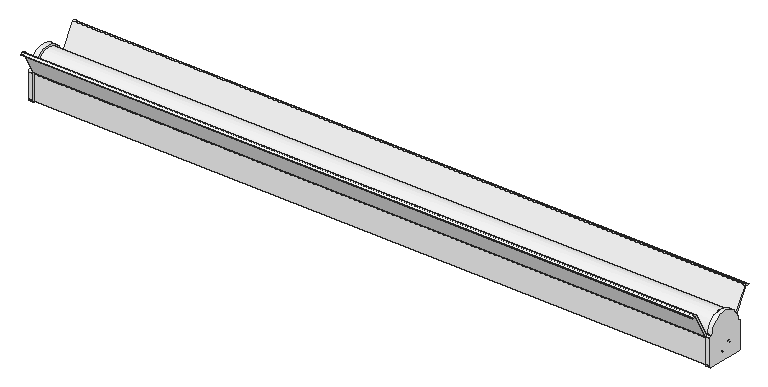
Revit family "0045179+0045233 Feilo Sylvania Lighting Fixture SYLBATTEN LED5-5 WW TP3 with SYMMETRIC REFLECTOR ACCESSORY 1200MM", category Lighting Fixtures, host Face, Revit 2017
Family settings
  Host = Face
  Round Connector Dimension = Use Diameter
  Part Type = Normal
  OmniClass Number = 23.80.70.00
  OmniClass Title = Lighting
  Cut with Voids When Loaded = No
  Light Source = Yes
  Shared = No
  Room Calculation Point = No
Parameters (values of type "0045179 SYLBATTEN LED5.5 WW TP3")
  Width_FEILO = 66 mm
  Weight = "2.584 kg"
  Wattage Comments = "n/a"
  Wattage = 53 W
  WarrantyStartDate [instance] = "n/a"
  WarrantyGuarantorParts = "n/a"
  WarrantyDurationUnit = "n/a"
  WarrantyDurationParts = "n/a"
  WarrantyDescription = "n/a"
  built-in parameter 1150110 = 1 (stored number, unit not read)
  Voltage = 230 V
  URL = "http://www.sylvania-lighting.com"
  TypeName = "SYLBATTEN LED5.5 WW TP3"
  Type Image = <None>
  Type Comments = "n/a"
  built-in parameter 1114217 = 1 (stored number, unit not read)
  Tilt Angle = -90.00°
  built-in parameter 1150109 = 1 (stored number, unit not read)
  built-in parameter 1150134 = (empty or 0)
  SymReflector_FEILO = yes
  built-in parameter 1150113 = 1 (stored number, unit not read)
  SerialNumber [instance] = "n/a"
  PowerFactor = 0
  PowerConsumption = "53 W"
  Photometric Web File = "0045179+0045233.ies"
  NominalLength = 1205 mm
  NominalHeight = 91 mm
  NominalDepth = 122 mm
  Name = "SYLBATTEN LED5.5 WW TP3"
  ModelReference = Name  # "SYLBATTEN LED5.5 WW TP3"
  ModelNumber = "0045179"
  Model = Name  # "SYLBATTEN LED5.5 WW TP3"
  Material_4_FEILO = Reflector-Sylvania-Sylbatten-White
  Material_3_FEILO = Diffuser-Sylvania-Sylbatten-Glow
  Material_2_FEILO = Body-Sylvania-Sylbatten-White
  Material_1_FEILO = Body-Sylvania-Sylbatten-White
  Material = "sheet steel housing, polycarbonate diffuser"
  ManufacturerName = "Feilo Sylvania"
  Manufacturer = "Feilo Sylvania"
  LuminousEfficacy = "92.45 lm/W"
  built-in parameter 1150105 = 389.92 (stored number, unit not read)
  Lumens = 4899.85 lm
  LuminaireType = ""
  built-in parameter 1150115 = 1 (stored number, unit not read)
  LightOutputRatio = "100"
  built-in parameter 1150137 = (empty or 0)
  built-in parameter 1150139 = (empty or 0)
  Length_FEILO = 1205 mm
  LampsType = Lamp  # "LED"
  LampNominalLuminous = "4900 lm"
  LampMacAdamStep = "n/a"
  LampColourTemperature = "3000 K"
  LampColourRenderingIndex = "80"
  built-in parameter 1150112 = 1 (stored number, unit not read)
  built-in parameter 1150114 = 1 (stored number, unit not read)
  Lamp = "LED"
  Keynote = "16500"
  InstallationDate [instance] = "n/a"
  InputVoltage = "220-240V~"
  InputNominalFrequency = "n/a"
  built-in parameter 1150132 = (empty or 0)
  built-in parameter 1150102 = (empty or 0)
  built-in parameter 1150107 = 3000 (stored number, unit not read)
  built-in parameter 1150138 = (empty or 0)
  IngressProtection = "IP20"
  ImpactProtectionIndex = "IK07"
  built-in parameter 1150106 = 3.8992 (stored number, unit not read)
  IfcExportType = "IfcLightFixtureType"
  IfcExportAs = "IfcLightFixtureType"
  Height_FEILO = 76 mm
  ExpectedLife = 50000
  Emit from Rectangle Width = Length_FEILO - 16 mm  # 1189 mm
  Emit from Rectangle Length = Width_FEILO - 40 mm  # 26 mm
  Emit Shape Visible in Rendering = no
  ElectricShockClassification = "Class I"
  built-in parameter 1150104 = 8.5889 (stored number, unit not read)
  DurationUnit = "hours"
  DocumentationLiterature = "http://www.sylvania-lighting.com/product/en-int/products/0045179"
  DimmingControlOptions = "n/a"
  Dimming Lamp Color Temperature Shift = <None>
  Description = "LED batten, T8 replacement, ease of installation through 2 part push-in design of the housing (safety cable included), through wiring capability (TP3 = 3 core), sheet steel, 4900M, 53W, 92lm/W, 3000K, drive current: 350mA, CRI 80, 138° wide beam angle, electronic driver (non dimmable), IP20, IK07, 50,000 hrs (L70), (LxWxH) 1205x66x76mm, 5 step MacAdam ellipse, 3kg, white RAL 9016, Class 1, 220-240V, energy class: A++, A+, A."
  Default Elevation = 1219.2 mm
  CreatedOn = "1/25/2018"
  CreatedBy = ""
  Cost = 0
  Color Filter = 16777215
  built-in parameter 1114216 [instance] = (empty or 0)
  ClassificationValue = "EF_70_80"
  ClassificationName = "Uniclass2015"
  CapOffset_FEILO = 2 mm
  BarCode [instance] = "n/a"
  built-in parameter 1114218 = 1 (stored number, unit not read)
  BackReflector_FEILO = and(not(AsymReflector_FEILO), SymReflector_FEILO)  # yes
  built-in parameter 1150133 = 10 (stored number, unit not read)
  FrontReflector_FEILO = or(AsymReflector_FEILO, SymReflector_FEILO)  # yes
  AsymReflector_FEILO = no
  AssetType = "Fixed"
  AssetIdentifier [instance] = "n/a"
  Assembly Code = "D5020200"
  Apparent Load = 53 VA
Reference planes
  plane 1 "Center (Front/Back)": y = 0
  plane 2: z = 0
  plane 3 "Center (Left/Right)": x = 0
  plane 4: x = 602.5
  plane 5: x = -602.5
  plane 6: y = 33
  plane 7: y = -33
  plane 8: z = 76
  plane 9: z = 47
  plane 10: y = -29
  plane 11: y = 29
  plane 12: z = 20
  plane 13: z = 74
  plane 14: y = -31
  plane 15: y = -27
  plane 16: y = 27
  plane 17: y = 31
  plane 18: z = 2
  plane 19: x = -594.5
  plane 20: x = 594.5
  plane 21: z = 49
  plane 22: y = 1
  plane 23: y = -1
  plane 24: z = 21
  plane 25: z = 19
  plane 26: y = -61
  plane 27: y = 61
  plane 28: y = -56
  plane 29: y = 56
  plane 30: z = 91
  plane 31: z = 88
Forms (mm)
  Extrusion 1, solid, material "Body-Sylvania-Sylbatten-White" <- "Material_2_FEILO"
    sketch origin (0, 0, 0) x (0, 1, 0) y (0, 0, 1)
      loop
        line (-31, 2) -> (31, 2) -> (31, 45)
        arc (31, 45) -> (30.414, 46.414) -> (29, 47) r 2
        line (29, 47) -> (27, 47)
        arc (27, 47) -> (0, 74) -> (-27, 47) r 27
        line (-27, 47) -> (-29, 47)
        arc (-29, 47) -> (-30.414, 46.414) -> (-31, 45) r 2
        line (-31, 45) -> (-31, 2)
    from -594.5 to 594.5
  Extrusion 2, solid, material "Body-Sylvania-Sylbatten-White" <- "Material_2_FEILO"
    sketch origin (602.5, 1524, 1219.2) x (0, 1, 0) y (0, 0, 1)
      loop
        arc (-1494, -1219.2) -> (-1491.879, -1218.321) -> (-1491, -1216.2) r 3
        line (-1491, -1216.2) -> (-1491, -1173.2)
        arc (-1491, -1173.2) -> (-1491.879, -1171.079) -> (-1494, -1170.2) r 3
        line (-1494, -1170.2) -> (-1495.069, -1170.2)
        arc (-1495.069, -1170.2) -> (-1524, -1143.2) -> (-1552.931, -1170.2) r 29
        line (-1552.931, -1170.2) -> (-1554, -1170.2)
        arc (-1554, -1170.2) -> (-1556.121, -1171.079) -> (-1557, -1173.2) r 3
        line (-1557, -1173.2) -> (-1557, -1216.2)
        arc (-1557, -1216.2) -> (-1556.121, -1218.321) -> (-1554, -1219.2) r 3
        line (-1554, -1219.2) -> (-1494, -1219.2)
      loop
        arc (-1525, -1189.25) -> (-1531.071, -1192.129) -> (-1533.95, -1198.2) r 10
        line (-1533.95, -1198.2) -> (-1532.944, -1198.2)
        arc (-1532.944, -1198.2) -> (-1530.364, -1192.836) -> (-1525, -1190.256) r 9
        line (-1525, -1190.256) -> (-1525, -1189.25)
      loop
        arc (-1523, -1190.256) -> (-1517.636, -1192.836) -> (-1515.056, -1198.2) r 9
        line (-1515.056, -1198.2) -> (-1514.05, -1198.2)
        arc (-1514.05, -1198.2) -> (-1516.929, -1192.129) -> (-1523, -1189.25) r 10
        line (-1523, -1189.25) -> (-1523, -1190.256)
      loop
        line (-1532.944, -1200.2) -> (-1533.95, -1200.2)
        arc (-1533.95, -1200.2) -> (-1531.071, -1206.271) -> (-1525, -1209.15) r 10
        line (-1525, -1209.15) -> (-1525, -1208.144)
        arc (-1525, -1208.144) -> (-1530.364, -1205.564) -> (-1532.944, -1200.2) r 9
      loop
        arc (-1515.056, -1200.2) -> (-1517.636, -1205.564) -> (-1523, -1208.144) r 9
        line (-1523, -1208.144) -> (-1523, -1209.15)
        arc (-1523, -1209.15) -> (-1516.929, -1206.271) -> (-1514.05, -1200.2) r 10
        line (-1514.05, -1200.2) -> (-1515.056, -1200.2)
    from 0 to -8
  Extrusion 3, solid, material "Body-Sylvania-Sylbatten-White" <- "Material_2_FEILO"
    sketch origin (-602.5, 1524, 1219.2) x (0, 1, 0) y (0, 0, 1)
      loop
        arc (-1495.069, -1170.2) -> (-1524, -1143.2) -> (-1552.931, -1170.2) r 29
        line (-1552.931, -1170.2) -> (-1554, -1170.2)
        arc (-1554, -1170.2) -> (-1556.121, -1171.079) -> (-1557, -1173.2) r 3
        line (-1557, -1173.2) -> (-1557, -1216.2)
        arc (-1557, -1216.2) -> (-1556.121, -1218.321) -> (-1554, -1219.2) r 3
        line (-1554, -1219.2) -> (-1494, -1219.2)
        arc (-1494, -1219.2) -> (-1491.879, -1218.321) -> (-1491, -1216.2) r 3
        line (-1491, -1216.2) -> (-1491, -1173.2)
        arc (-1491, -1173.2) -> (-1491.879, -1171.079) -> (-1494, -1170.2) r 3
        line (-1494, -1170.2) -> (-1495.069, -1170.2)
      loop
        line (-1533.95, -1198.2) -> (-1532.944, -1198.2)
        arc (-1532.944, -1198.2) -> (-1530.364, -1192.836) -> (-1525, -1190.256) r 9
        line (-1525, -1190.256) -> (-1525, -1189.25)
        arc (-1525, -1189.25) -> (-1531.071, -1192.129) -> (-1533.95, -1198.2) r 10
      loop
        line (-1523, -1189.25) -> (-1523, -1190.256)
        arc (-1523, -1190.256) -> (-1517.636, -1192.836) -> (-1515.056, -1198.2) r 9
        line (-1515.056, -1198.2) -> (-1514.05, -1198.2)
        arc (-1514.05, -1198.2) -> (-1516.929, -1192.129) -> (-1523, -1189.25) r 10
      loop
        line (-1514.05, -1200.2) -> (-1515.056, -1200.2)
        arc (-1515.056, -1200.2) -> (-1517.636, -1205.564) -> (-1523, -1208.144) r 9
        line (-1523, -1208.144) -> (-1523, -1209.15)
        arc (-1523, -1209.15) -> (-1516.929, -1206.271) -> (-1514.05, -1200.2) r 10
      loop
        line (-1525, -1209.15) -> (-1525, -1208.144)
        arc (-1525, -1208.144) -> (-1530.364, -1205.564) -> (-1532.944, -1200.2) r 9
        line (-1532.944, -1200.2) -> (-1533.95, -1200.2)
        arc (-1533.95, -1200.2) -> (-1531.071, -1206.271) -> (-1525, -1209.15) r 10
    from 0 to 8
  Extrusion 4, solid, material "Reflector-Sylvania-Sylbatten-White" <- "Material_4_FEILO", visible <- "FrontReflector_FEILO"
    sketch origin (0, 0, 0) x (0, 1, 0) y (0, 0, 1)
      loop
        line (-61.257, 88.429) -> (-60.743, 87.571) -> (-56.621, 90.044)
        arc (-56.621, 90.044) -> (-56.237, 90.099) -> (-55.929, 89.863) r 0.5
        line (-55.929, 89.863) -> (-31.435, 46.753) -> (-30.565, 47.247) -> (-55.312, 90.802)
        arc (-55.312, 90.802) -> (-55.928, 91.275) -> (-56.696, 91.165) r 1
        line (-56.696, 91.165) -> (-61.257, 88.429)
    from -594.5 to 594.5
  Extrusion 5, solid, material "Reflector-Sylvania-Sylbatten-White" <- "Material_4_FEILO", visible <- "BackReflector_FEILO"
    sketch origin (0, 0, 0) x (0, 1, 0) y (0, 0, 1)
      loop
        line (30.565, 47.247) -> (31.435, 46.753) -> (55.932, 89.868)
        arc (55.932, 89.868) -> (56.245, 90.112) -> (56.638, 90.062) r 0.518
        line (56.638, 90.062) -> (61.033, 87.565) -> (61.527, 88.435) -> (56.682, 91.188)
        arc (56.682, 91.188) -> (55.922, 91.282) -> (55.318, 90.812) r 1
        line (55.318, 90.812) -> (30.565, 47.247)
    from -594.5 to 594.5
Lines and regions (mm)
  reference lines
    curve 1: line (0, -61, 88) -> (0, -56, 91)
    curve 2: line (0, -56, 91) -> (0, -31, 47)
    curve 3: line (0, 31, 47) -> (0, 56, 91)
    curve 4: line (0, 56, 91) -> (0, 61.28, 88)
Dimensions and locks
  equal spacing: plane 5, plane 3 "Center (Left/Right)", plane 4
  equal spacing: plane 7, plane 1 "Center (Front/Back)", plane 6
  "Width_FEILO": plane 7 to plane 6
  "Length_FEILO": plane 5 to plane 4
  "Height_FEILO": plane 8 to plane 2
  locked: plane 9 to plane 8 at 29
  equal spacing: plane 10, plane 1 "Center (Front/Back)", plane 11
  locked: plane 7 to plane 10 at 4
  locked: plane 12 to plane 2 at 20
  "CapOffset_FEILO": plane 13 to plane 8
  "CapOffset_FEILO": plane 7 to plane 14
  "CapOffset_FEILO": plane 10 to plane 15
  "CapOffset_FEILO": plane 17 to plane 6
  "CapOffset_FEILO": plane 16 to plane 11
  "CapOffset_FEILO": plane 18 to plane 2
  locked: plane 14 to Extrusion 1 sketch curve at 2
  locked: Extrusion 1 sketch curve to plane 9 at 2  (x2)
  locked: plane 16 to Extrusion 1 sketch curve at 2
  equal spacing: plane 19, plane 3 "Center (Left/Right)", plane 20
  locked: plane 5 to plane 19 at 8
  "CapOffset_FEILO": plane 9 to plane 21
  locked: Extrusion 2 sketch curve to plane 2 at 47
  locked: Extrusion 1 sketch curve to plane 2 at 47
  locked: Extrusion 2 sketch curve to plane 2 at 3  (x2)
  locked: plane 7 to Extrusion 2 sketch curve at 3  (x2)
  locked: Extrusion 2 sketch curve to plane 6 at 3  (x2)
  locked: Extrusion 2 sketch curve to plane 21 at 3  (x2)
  equal spacing: plane 23, plane 1 "Center (Front/Back)", plane 22
  equal spacing: plane 25, plane 12, plane 24
  plane 30 to plane 31 to plane 2 = 3 mm locked, 88 mm locked
  plane 28 to plane 29 = 112 mm
  plane 26 to plane 27 = 122 mm
  aligned and locked: plane 2 to host face
  aligned and locked: level to host face
  aligned and locked: plane 18 to Extrusion 1 sketch curve
  aligned and locked: plane 14 to Extrusion 1 sketch curve
  aligned and locked: Extrusion 1 sketch curve to plane 9  (x2)
  aligned and locked: Extrusion 1 sketch curve to plane 17
  aligned and locked: plane 15 to Extrusion 1 sketch curve
  aligned and locked: plane 16 to Extrusion 1 sketch curve
  aligned and locked: plane 9 to Extrusion 1 sketch curve
  aligned and locked: plane 20 to Extrusion 1
  aligned and locked: level to Extrusion 2 sketch curve
  aligned and locked: Extrusion 2 sketch curve to plane 7
  aligned and locked: plane 21 to Extrusion 2 sketch curve
  aligned and locked: Extrusion 2 sketch curve to plane 21
  aligned and locked: plane 1 "Center (Front/Back)" to Extrusion 2 sketch curve  (x3)
  aligned and locked: Extrusion 2 to Extrusion 1
  aligned and locked: plane 4 to Extrusion 2
  aligned and locked: plane 12 to Extrusion 2 sketch curve  (x2)
  aligned and locked: Extrusion 2 sketch curve to plane 22
  aligned and locked: Extrusion 2 sketch curve to plane 23
  aligned and locked: Extrusion 2 sketch curve to plane 24
  aligned and locked: Extrusion 2 sketch curve to plane 25
  aligned and locked: plane 25 to Extrusion 2 sketch curve
  aligned and locked: plane 22 to Extrusion 2 sketch curve
  aligned and locked: plane 24 to Extrusion 2 sketch curve
  aligned and locked: plane 23 to Extrusion 2 sketch curve  (x2)
  aligned and locked: Extrusion 3 sketch curve to Extrusion 2  (x22)
  aligned and locked: Extrusion 3 to Extrusion 1
  aligned and locked: Extrusion 3 to plane 5
  aligned and locked: plane 19 to Extrusion 3
  aligned and locked: plane 31 to curve 1
  aligned and locked: plane 30 to curve 1
  aligned and locked: plane 14 to curve 2
  aligned and locked: plane 9 to curve 2
  aligned and locked: plane 17 to curve 3
  aligned and locked: plane 30 to curve 3
  aligned and locked: plane 31 to curve 4
  aligned and locked: Extrusion 4 sketch curve to curve 2
  aligned and locked: Extrusion 4 sketch curve to curve 1
  aligned and locked: Extrusion 4 to Extrusion 1
  aligned and locked: Extrusion 1 to Extrusion 4
  aligned and locked: imposter light to plane 1 "Center (Front/Back)"
  aligned and locked: imposter light to plane 3 "Center (Left/Right)"
  aligned and locked: imposter light to plane 13
  aligned and locked: Extrusion 5 sketch curve to curve 4
  aligned and locked: Extrusion 5 sketch curve to curve 3
  aligned and locked: Extrusion 1 to Extrusion 5
  aligned and locked: Extrusion 5 to Extrusion 1
Automatic sketch dimensions
  host sketch curve to host sketch curve = 2438.4 mm  (x2)
  Extrusion 2 sketch curve to Extrusion 2 sketch curve = 0 mm  (x14)
  Extrusion 2 sketch curve to plane 10 = 0.069 mm
  plane 23 to Extrusion 2 sketch curve = 8.95 mm
  Extrusion 2 sketch curve to Extrusion 2 sketch curve = 1.006 mm  (x4)
  Extrusion 2 sketch curve to plane 22 = 7.944 mm
  curve 1 to plane 26 = 0 mm
  curve 2 to plane 28 = 0 mm
  curve 4 to plane 29 = 0 mm
  plane 9 to curve 3 = 0 mm
  plane 26 to Extrusion 4 sketch curve = 0.257 mm
  Extrusion 4 sketch curve to plane 26 = 0.257 mm
  Extrusion 4 sketch curve to plane 30 = 0.165 mm
  plane 28 to Extrusion 4 sketch curve = 0.696 mm
  plane 28 to Extrusion 4 sketch curve = 0.621 mm
  plane 28 to Extrusion 4 sketch curve = 0.364 mm
  plane 28 to Extrusion 4 sketch curve = 0.182 mm
  Extrusion 4 sketch curve to plane 28 = 0.071 mm
  plane 30 to Extrusion 4 sketch curve = 0.198 mm
  Extrusion 4 sketch curve to plane 28 = 0.688 mm
  plane 9 to Extrusion 4 sketch curve = 0.247 mm
  plane 1 "Center (Front/Back)" to Extrusion 4 sketch curve = 31.435 mm
  Extrusion 5 sketch curve to plane 9 = 0.247 mm
  Extrusion 5 sketch curve to plane 1 "Center (Front/Back)" = 30.565 mm
  plane 9 to Extrusion 5 sketch curve = 0.247 mm
  plane 30 to Extrusion 5 sketch curve = 0.188 mm
  plane 29 to Extrusion 5 sketch curve = 0.068 mm
  Extrusion 5 sketch curve to plane 29 = 0.188 mm
  Extrusion 5 sketch curve to plane 29 = 0.382 mm
  Extrusion 5 sketch curve to Extrusion 5 sketch curve = 0.256 mm
  Extrusion 5 sketch curve to plane 30 = 0.188 mm
  Extrusion 5 sketch curve to plane 29 = 0.682 mm
  Extrusion 5 sketch curve to plane 27 = 0.033 mm
  Extrusion 5 sketch curve to plane 27 = 0.527 mm
Connectors
  electrical at (0, 0, 0), driven by "Apparent Load", driven by "PowerFactor", driven by "Voltage"
    settings: index 1, voltage 230 V, apparent load 53 VA, apparent load phase1 0 VA, apparent load phase2 0 VA, apparent load phase3 0 VA, power factor 0, load classification "Lighting", number of poles 1, system type 30, power factor state 1, is connector primary yes, connector utility no, sub classification motor no, connector description ""
